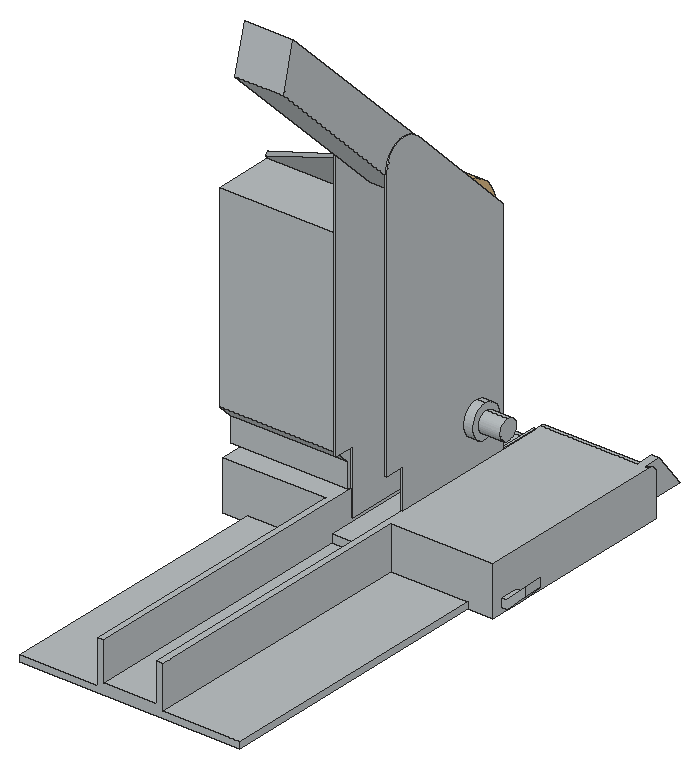
Revit family "Safety_Truck-Restraint_Nova-Tech_LocknLoad", category Generic Models, Revit 2017
Family settings
  Can host rebar = No
  Round Connector Dimension = Use Diameter
  Part Type = Normal
  OmniClass Number = 23.50.70.27
  OmniClass Title = Truck Restraints
  Work Plane-Based = Yes
  Always vertical = No
  Cut with Voids When Loaded = No
  Shared = No
  Room Calculation Point = No
Parameters
  Warranty Duration (Years) = 0
  Unit Width = 1' - 4 9/16"
  Unit Height = 2' - 6"
  Unit Depth = 2' - 8 41/64"
  URL = "http://www.novalocks.com/"
  Test Data = ""
  Specification = "http://arcat.com/arcatcos/cos43/arc43493.html?isac=1&r=2"
  SpecWizard = ""
  Send Message = "http://www.arcat.com/users.pl?action=UserEmail&company=Nova+Technology&coid=43493&rep=132&fax=262-502-1511&mf="
  Sales Information = "http://www.novalocks.com/general-contact-info/"
  Revision = "R1_04-2013"
  Restraint [instance] = Metal - Nova - Yellow
  Product Properties = ""
  Product Data = "http://arcat.com/arcatcos/cos43/arc43493.html?isac=1&r=2"
  Model = "As Specified"
  Manufacturer Website = "http://www.novalocks.com/"
  Manufacturer Phone - Toll Free = "800-236-7325"
  Manufacturer Phone = "262-502-1591"
  Manufacturer Fax = "262-502-1511"
  Manufacturer Address = "N90 W14507 Commerce Dr. Menomonee Falls, WI 53051"
  Manufacturer = "Nova Technology"
  Maintenance Schedule (Months) = 0
  Keynote = "11160"
  Installation-Fabrication = ""
  Installation Phase = ""
  Green Building-LEED = ""
  Fixture Material = Metal - Nova - Zinc Coated Steel
  Expected Lifespan (Years) = 0
  Drawn By = "Sumex Design, Inc. / Robert S. Weygant, CSI, CDT, SCIP"
  Description = "Nova Technology Dock Product as Specified"
  Default Elevation = 4' - 0"
  Copyright = "©Arcat Inc."
  Construction Details = ""
  Capacity = "32000 lbs"
  Building Codes = ""
  Assembly Code = "E1030300"
Reference planes (in)
  plane 1 "Wall": y = 0
  plane 2 "Host": z = 0
  plane 3 "Center (Left/Right)": x = 0
  plane 4 "OH": y = -30
  plane 5 "Top": z = 32.64062
  plane 6: x = -8.28125
  plane 7: x = 8.28125
Forms (in)
  Blend 1, solid, material "Metal - Nova - Zinc Coated Steel" <- "Fixture Material"
    base sketch origin (-8.28125, 47.5643, 49.54327) x (0, 1, 0) y (0, 0, 1)
      loop
        line (-54.26892, -46.46642) -> (-53.27857, -45.35138) -> (-53.27857, -35.10138) -> (-55.90281, -32.08254) -> (-59.65281, -32.08254) -> (-59.65281, -44.08254) -> (-58.76892, -44.96642) -> (-58.76892, -46.46642) -> (-54.26892, -46.46642)
    top sketch origin (-8.28125, 47.5643, 49.54327) x (0, 1, 0) y (0, 0, 1)
      loop
        line (-52.5152, -46.46642) -> (-51.63132, -45.58254) -> (-51.63132, -36.99633) -> (-55.90281, -32.08254) -> (-59.65281, -32.08254) -> (-59.65281, -44.08254) -> (-58.76892, -44.96642) -> (-58.76892, -46.46642) -> (-52.5152, -46.46642)
    from -0.5625 to 6.6375
  Extrusion 2, solid, material "Metal - Nova - Zinc Coated Steel" <- "Fixture Material"
    sketch origin (3.71875, -25.62314, -934.77241) x (0, 0, 1) y (0, 1, 0)
      loop
        line (934.77241, 25.62314) -> (934.77241, 13.12314) -> (937.77241, 13.12314) -> (937.77241, 25.12314)
        arc (937.77241, 25.12314) -> (937.62596, 25.47669) -> (937.27241, 25.62314) r 0.5
        line (937.27241, 25.62314) -> (934.77241, 25.62314)
    from -4.5625 to 12
  Extrusion 3, solid, material "Metal - Nova - Zinc Coated Steel" <- "Fixture Material"
    sketch origin (-1.5, -25.75, -934.68787) x (0, 0, 1) y (0, 1, 0)
      loop
        line (950.98265, 22.35061) -> (937.68787, 22.35061) -> (937.68787, 24.85061) -> (936.13972, 24.85061) -> (936.13972, 14.68474) -> (940.07337, 14.68474) -> (940.07337, 13.43474) -> (956.79154, 13.43474)
        arc (956.79154, 13.43474) -> (958.05979, 14.28216) -> (957.76222, 15.77815) r 1.37274
        line (957.76222, 15.77815) -> (951.3362, 22.20417)
        arc (951.3362, 22.20417) -> (951.17399, 22.31255) -> (950.98265, 22.35061) r 0.5
    from 0 to 0.125
  Extrusion 4, solid, material "Metal - Nova - Zinc Coated Steel" <- "Fixture Material"
    sketch origin (1.5, -25.75, -934.68787) x (0, 0, 1) y (0, -1, 0)
      loop
        arc (950.98265, -22.35061) -> (951.17399, -22.31255) -> (951.3362, -22.20417) r 0.5
        line (951.3362, -22.20417) -> (957.76222, -15.77815)
        arc (957.76222, -15.77815) -> (958.05979, -14.28216) -> (956.79154, -13.43474) r 1.37274
        line (956.79154, -13.43474) -> (940.07337, -13.43474) -> (940.07337, -14.68474) -> (936.13972, -14.68474) -> (936.13972, -24.85061) -> (937.68787, -24.85061) -> (937.68787, -22.35061) -> (950.98265, -22.35061)
    from 0 to 0.125
  Extrusion 5, solid, material "Metal - Nova - Zinc Coated Steel" <- "Fixture Material"
    sketch origin (0, -25.75, -9.79879) x (0, 0, -1) y (0, 1, 0)
      loop
        circle (-12.07684, 24.02992) r 0.5972
      loop
        circle (-12.06963, 21.60316) r 0.38703
      loop
        circle (-15.44691, 20.25905) r 0.92181
    from -1.5 to 1.5
  Extrusion 6, solid, material "Metal - Nova - Yellow" <- "Restraint"
    sketch origin (0, -25.75, -9.79879) x (0, 0, -1) y (0, 1, 0)
      loop
        line (-15.29048, 21.24674) -> (-25.70999, 20.15161)
        arc (-25.70999, 20.15161) -> (-25.74458, 21.71876) -> (-24.8473, 23.00409) r 2.5239
        arc (-24.8473, 23.00409) -> (-27.8602, 21.02678) -> (-25.80675, 18.06524) r 2.51641
        line (-25.80675, 18.06524) -> (-15.0645, 19.33506)
        arc (-15.0645, 19.33506) -> (-14.45383, 20.37644) -> (-15.29048, 21.24674) r 1
    from -0.625 to 0.625
  Extrusion 7, solid, material "Metal - Nova - Zinc Coated Steel" <- "Fixture Material"
    sketch origin (-908.53753, -26.70321, -9.79879) x (1, 0, 0) y (0, 0, -1)
      loop
        line (901.78753, -9.79879) -> (901.78753, -10.17379) -> (906.53753, -10.17379) -> (906.53753, -12.79879) -> (906.91253, -12.79879) -> (906.91253, -10.454) -> (910.16253, -10.454) -> (910.16253, -12.79879) -> (910.53753, -12.79879) -> (910.53753, -10.17379) -> (915.28753, -10.17379) -> (915.28753, -9.79879) -> (901.78753, -9.79879)
    from -3.29679 to 15.49859
  Extrusion 8, solid, material "Metal - Nova - Zinc Coated Steel" <- "Fixture Material"
    sketch origin (-8.84375, -7.02639, 15.95132) x (0, -0.656059, 0.75471) y (1, 0, 0)
      loop
        line (-4.26251, 7.2) -> (-1.42984, 0) -> (2.32016, 0) -> (7.49222, 7.2) -> (-4.26251, 7.2)
    from 0 to 0.2316
  Extrusion 9, solid, material "Metal - Nova - Zinc Coated Steel" <- "Fixture Material"
    sketch origin (-0.58058, -25.75, -9.79879) x (0, 0, -1) y (0, 1, 0)
      loop
        line (-10.75064, 27.875) -> (-12.79879, 26.30877) -> (-12.79879, 25.25) -> (-10.75064, 25.25) -> (-10.75064, 27.875)
    from 8.16562 to 8.61183
  Extrusion 10, solid, material "Metal - Nova - Zinc Coated Steel" <- "Fixture Material"
    sketch origin (10.5, -25.75, -934.60324) x (0, 0, 1) y (0, 1, 0)
      loop
        line (955.68306, 17.77268) -> (953.93306, 16.02268) -> (964.29917, 5.65657) -> (967.05953, 6.39621) -> (955.68306, 17.77268)
    from 9 to 12
  Extrusion 11, solid, material "Metal - Nova - Zinc Coated Steel" <- "Fixture Material"
    sketch origin (0, -25.75, -8.79879) x (0, 0, -1) y (0, 1, 0)
      loop
        circle (-14.44691, 20.25905) r 1
    from 1.625 to 2.22725
  Extrusion 12, solid, material "Metal - Nova - Zinc Coated Steel" <- "Fixture Material"
    sketch origin (0, -25.75, -9.79879) x (0, 0, -1) y (0, 1, 0)
      loop
        circle (-15.44767, 20.26002) r 0.61835
    from 2.22725 to 3.6054
  Extrusion 13, void
    sketch origin (0, 0, 0) x (1, 0, 0) y (0, 0, 1)
      loop
        line (-1.625, 3) -> (-1.625, 1.16534) -> (1.625, 1.16534) -> (1.625, 3) -> (-1.625, 3)
    from 0 to 12.5
  Extrusion 14, solid, material "Metal - Nova - Zinc Coated Steel" <- "Fixture Material"
    sketch origin (0, 0, 0) x (1, 0, 0) y (0, 0, 1)
      loop
        line (9.78125, 1.43934) -> (9.78125, 2) -> (8.65809, 0.87684) -> (8.28125, 0.87684) -> (8.28125, 0.37868) -> (8.72059, 0.37868) -> (9.78125, 1.43934)
    from 10.75163 to 11.8809
Cuts and joins
  Extrusion 13 cuts Extrusion 2
  joined: Extrusion 2, Extrusion 7, Extrusion 9
Dimensions and locks (in)
  equal spacing: plane 6, plane 3 "Center (Left/Right)", plane 7
  "Unit Width": plane 6 to plane 7
  "Unit Height": plane 4 "OH" to plane 1 "Wall"
  "Unit Depth": plane 5 "Top" to level
Automatic sketch dimensions
  Extrusion 2 sketch curve to level = 0' - 0"
  level to Extrusion 2 sketch curve = 0' - 2 1/2"
  Extrusion 2 sketch curve to Extrusion 2 sketch curve = 0' - 0 1/2"
  plane 1 "Wall" to Extrusion 2 sketch curve = 1' - 0 1/2"
  plane 1 "Wall" to Extrusion 2 sketch curve = 0' - 0 1/2"
  level to Extrusion 3 sketch curve = 0' - 1.45185"
  level to Extrusion 3 sketch curve = 0' - 3"
  level to Extrusion 3 sketch curve = 0' - 5.38551"
  plane 1 "Wall" to Extrusion 3 sketch curve = 0' - 3.39939"
  Extrusion 3 sketch curve to Extrusion 3 sketch curve = 1' - 1.29478"
  plane 1 "Wall" to Extrusion 3 sketch curve = 0' - 3.54583"
  Extrusion 3 sketch curve to Extrusion 3 sketch curve = 0' - 0.35355"
  Extrusion 3 sketch curve to Extrusion 3 sketch curve = 0' - 5.8089"
  plane 1 "Wall" to Extrusion 3 sketch curve = 0' - 0.89939"
  level to Extrusion 5 sketch curve = 0' - 5.64813"
  level to Extrusion 5 sketch curve = 0' - 2.27805"
  level to Extrusion 5 sketch curve = 0' - 2.27084"
  plane 1 "Wall" to Extrusion 5 sketch curve = 0' - 5.49095"
  Extrusion 5 sketch curve to Extrusion 5 sketch curve = 0' - 1.3441"
  Extrusion 5 sketch curve to Extrusion 5 sketch curve = 0' - 2.42676"
  level to Extrusion 6 sketch curve = 1' - 4.00797"
  Extrusion 6 sketch curve to Extrusion 6 sketch curve = 0' - 0.09677"
  Extrusion 6 sketch curve to Extrusion 6 sketch curve = 0' - 0.32001"
  Extrusion 6 sketch curve to Extrusion 6 sketch curve = 0' - 0.54268"
  Extrusion 6 sketch curve to Extrusion 6 sketch curve = 0' - 2.06123"
  level to Extrusion 6 sketch curve = 0' - 5.64813"
  Extrusion 6 sketch curve to Extrusion 6 sketch curve = 0' - 0.15643"
  Extrusion 6 sketch curve to Extrusion 6 sketch curve = 0' - 0.38241"
  plane 1 "Wall" to Extrusion 6 sketch curve = 0' - 7.68476"
  plane 1 "Wall" to Extrusion 6 sketch curve = 0' - 6.41494"
  Extrusion 6 sketch curve to Extrusion 6 sketch curve = 0' - 2.08636"
  Extrusion 6 sketch curve to Extrusion 6 sketch curve = 0' - 0.92399"
  Extrusion 6 sketch curve to Extrusion 6 sketch curve = 0' - 0.39529"
  Extrusion 8 sketch curve to Blend 1 = 0' - 0"
  Blend 1 to Extrusion 8 sketch curve = 0' - 0"
  Blend 1 to Extrusion 8 sketch curve = 0' - 6.26251"
  Blend 1 to Extrusion 8 sketch curve = 0' - 3.42984"
  Extrusion 8 sketch curve to Blend 1 = 0' - 0.32016"
  Extrusion 8 sketch curve to Blend 1 = 0' - 5.49222"
  Extrusion 9 sketch curve to plane 1 "Wall" = 0' - 0.55877"
  level to Extrusion 9 sketch curve = 0' - 3"
  level to Extrusion 9 sketch curve = 0' - 0.95185"
  Extrusion 9 sketch curve to Extrusion 9 sketch curve = 0' - 1.05877"
  Extrusion 9 sketch curve to plane 1 "Wall" = 0' - 2 1/8"
  level to Extrusion 11 sketch curve = 0' - 5.64813"
  plane 1 "Wall" to Extrusion 11 sketch curve = 0' - 5.49095"
  level to Extrusion 12 sketch curve = 0' - 5.64888"
  plane 1 "Wall" to Extrusion 12 sketch curve = 0' - 5.48998"
  plane 1 "Wall" to Blend 1 sketch curve = 1' - 0.0885"  (x2)
  Blend 1 sketch curve to Blend 1 sketch curve = 0' - 0.88388"  (x6)
  Blend 1 sketch curve to Blend 1 sketch curve = 0' - 3 3/4"  (x2)
  level to Blend 1 sketch curve = 0' - 3.07685"  (x2)
  Blend 1 sketch curve to Blend 1 sketch curve = 0' - 4 1/2"
  Blend 1 sketch curve to Blend 1 sketch curve = 0' - 0.99035"
  Blend 1 sketch curve to Blend 1 sketch curve = 0' - 1.11505"
  Blend 1 sketch curve to Blend 1 sketch curve = 0' - 1 1/2"
  Blend 1 sketch curve to Blend 1 sketch curve = 0' - 10 1/4"
  Blend 1 sketch curve to Blend 1 sketch curve = 0' - 3.01884"
  level to Blend 1 sketch curve = 0' - 5.46074"
  plane 1 "Wall" to Blend 1 sketch curve = 0' - 4.9509"
  Blend 1 sketch curve to Blend 1 sketch curve = 0' - 8.58621"
  Blend 1 sketch curve to Blend 1 sketch curve = 0' - 4.91379"
  Extrusion 7 sketch curve to level = 0' - 0"
  Extrusion 7 sketch curve to plane 3 "Center (Left/Right)" = 0' - 1 5/8"
  Extrusion 7 sketch curve to Extrusion 7 sketch curve = 0' - 0 3/8"  (x4)
  plane 6 to Extrusion 7 sketch curve = 0' - 1 17/32"
  Extrusion 7 sketch curve to plane 7 = 0' - 1 17/32"
  Extrusion 7 sketch curve to Extrusion 7 sketch curve = 0' - 0.28021"
  Extrusion 7 sketch curve to Extrusion 7 sketch curve = 0' - 2.34479"  (x2)
  plane 3 "Center (Left/Right)" to Extrusion 7 sketch curve = 0' - 1 5/8"
  level to Extrusion 4 sketch curve = 0' - 1.45185"
  Extrusion 4 sketch curve to Extrusion 4 sketch curve = 0' - 1.54815"
  Extrusion 4 sketch curve to Extrusion 4 sketch curve = 0' - 3.93365"
  plane 1 "Wall" to Extrusion 4 sketch curve = 0' - 3.39939"
  Extrusion 4 sketch curve to Extrusion 4 sketch curve = 1' - 1.29478"
  plane 1 "Wall" to Extrusion 4 sketch curve = 0' - 3.54583"
  Extrusion 4 sketch curve to Extrusion 4 sketch curve = 0' - 0.35355"
  Extrusion 4 sketch curve to Extrusion 4 sketch curve = 0' - 5.8089"
  Extrusion 4 sketch curve to Extrusion 4 sketch curve = 0' - 0.97067"  (x2)
  plane 1 "Wall" to Extrusion 4 sketch curve = 0' - 0.89939"
  Extrusion 4 sketch curve to Extrusion 4 sketch curve = 0' - 6.42601"
  Extrusion 4 sketch curve to Extrusion 4 sketch curve = 0' - 1 1/4"
  Extrusion 3 sketch curve to Extrusion 3 sketch curve = 0' - 1 1/4"
  Extrusion 3 sketch curve to Extrusion 3 sketch curve = 0' - 0.97067"  (x2)
  Extrusion 3 sketch curve to Extrusion 3 sketch curve = 0' - 6.42601"
  Extrusion 10 sketch curve to plane 5 "Top" = 1' - 1.31081"
  plane 1 "Wall" to Extrusion 10 sketch curve = 0' - 7.97732"
  Extrusion 10 sketch curve to Extrusion 10 sketch curve = 0' - 1 3/4"  (x2)
  Extrusion 10 sketch curve to plane 5 "Top" = 0' - 2.9447"
  Extrusion 10 sketch curve to plane 5 "Top" = 0' - 0.18433"
  level to Extrusion 13 sketch curve = 0' - 1.16534"
  Extrusion 13 sketch curve to plane 3 "Center (Left/Right)" = 0' - 1 5/8"
  plane 3 "Center (Left/Right)" to Extrusion 13 sketch curve = 0' - 1 5/8"
  Extrusion 13 sketch curve to Extrusion 13 sketch curve = 0' - 1.83466"
  Extrusion 14 sketch curve to plane 7 = 0' - 0"
  plane 7 to Extrusion 14 sketch curve = 0' - 0.37684"
  plane 7 to Extrusion 14 sketch curve = 0' - 0.43934"
  plane 7 to Extrusion 14 sketch curve = 0' - 1 1/2"
  level to Extrusion 14 sketch curve = 0' - 0.37868"
  Extrusion 14 sketch curve to Extrusion 14 sketch curve = 0' - 0.49816"
  Extrusion 14 sketch curve to Extrusion 14 sketch curve = 0' - 0 9/16"
  Extrusion 14 sketch curve to Extrusion 14 sketch curve = 0' - 0.56066"
  radius of Extrusion 5 sketch curve = 0' - 0.5972"
  radius of Extrusion 5 sketch curve = 0' - 0.38703"
  radius of Extrusion 5 sketch curve = 0' - 0.92181"
  radius of Extrusion 11 sketch curve = 0' - 1"
  radius of Extrusion 12 sketch curve = 0' - 0.61835"
